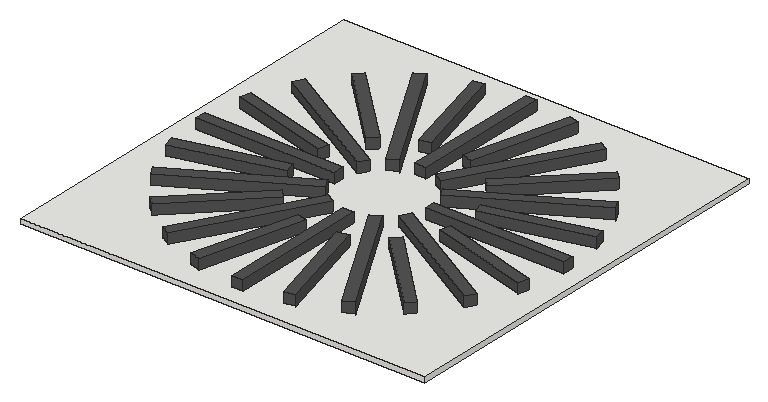
Revit family "MADEL_DIFFUSER _ADJUSTABLE VANES_AXO-S_00", category Air Terminals, Revit 2015
Parameters (values of type "AXO-S 825")
  n_factor [instance] = if(or(E = 295.0 mm, E = 308.0 mm), 23.878, if(E = 395.0 mm, 23.854, if(E = 495.0 mm, 22.756, if(or(E = 595.0 mm, E = 620.0 mm, E = 670.0 mm), 22.777, if(or(E = 795.0 mm, E = 820.0 mm), 27.287, 1)))))  # 27.287
  m_factor = 1.9105
  c_factor [instance] = if(or(E = 295.0 mm, E = 308.0 mm), 0.1835, if(E = 395.0 mm, 1.4296, if(E = 495.0 mm, 6.3204, if(or(E = 595.0 mm, E = 620.0 mm, E = 670.0 mm), 7.9708, if(or(E = 795.0 mm, E = 820.0 mm), 6.5577, 1)))))  # 6.5577
  b_factor = -4.3817
  Width_Connector = 801.0 mm
  V800 = if(or(E = 795.0 mm, E = 820.0 mm), 1 = 1, 1 = 0)  # yes
  V600 = if(or(E = 595.0 mm, E = 620.0 mm, E = 670.0 mm), 1 = 1, 1 = 0)  # no
  V500 = if(E = 495.0 mm, 1 = 1, 1 = 0)  # no
  V400 = if(E = 395.0 mm, 1 = 1, 1 = 0)  # no
  V300 = if(or(E = 295.0 mm, E = 308.0 mm), 1 = 1, 1 = 0)  # no
  T24 [instance] = no
  T15 [instance] = yes
  Standard = "UNE 23-727 M2/ NFP 92-501 M2/ DIN 4102 M2"  # constant formula
  Revit Version = "Revit 2015 - English"  # constant formula
  Review Date = "11/2016"  # constant formula
  R9010 [instance] = no
  Q [instance] = 820.08 m³/h
  Product Type [instance] = Model  # "AXO-S 825"
  Product Size = "dim.825"
  Product Reference [instance] = if(Nº Options = 1, if(T15, "AXO-S/T15", if(T24, "AXO-S/T24", if(PMXO, "AXO-S-PMXO", "Consult Manufacturer"))), if(PMXO, if(Nº Options = 2, if(T15, "AXO-S/T15-PMXO", if(T24, "AXO-S/T24-PMXO", "Consult Manufacturer")), "Consult Manufacturer"), if(Nº Options = 0, "AXO-S", "Consult Manufacturer")))  # "AXO-S/T15-PMXO"
  PMXO [instance] = yes
  Nº Options [instance] = if(T15, 1, 0) + if(T24, 1, 0) + if(PMXO, 1, 0)  # 2
  Vmin = 2.5 m/s  # constant formula
  Vmed = (Vmax + Vmin) / 2  # 3.35 m/s
  Vmax = if(or(E = 295.0 mm, E = 308.0 mm), 6.5 m/s, if(E = 395.0 mm, 5.9 m/s, if(E = 495.0 mm, 5.4 m/s, if(or(E = 595.0 mm, E = 620.0 mm, E = 670.0 mm), 5.3 m/s, if(or(E = 795.0 mm, E = 820.0 mm), 4.2 m/s, 1.0 m/s)))))  # 4.2 m/s
  V[m/s] [instance] = Q / Afree / 1.0 m/s  # 3.35
  URL = "http://www.madel.com/en/producto/axo-adjustable-vanes-diffusers/"
  RAL [instance] = ""
  Nº Finishes [instance] = if(AB, 1, 0) + if(R9010, 1, 0) + if(M9016, 1, 0)  # 1
  Model = "AXO-S 825"
  Material and finishes [instance] = if(and(AB, M9016, Nº Finishes = 2), "M9016/AB", if(and(AB, R9010, Nº Finishes = 2), "R9010/AB", if(and(M9016, Nº Finishes = 1), "M9016", if(and(R9010, Nº Finishes = 1), "R9010", if(Nº Finishes = 0, "Custom RAL", "Consult Manufacturer")))))  # "M9016"
  Material Difusser = MADEL_M9016
  Material Blades = MADEL_AN
  M9016 [instance] = yes
  Type Image = <None>
  Lw (dB(A)) [instance] = n_factor * (log([V[m/s]]) / log(2.7183)) + c_factor  # 39.5466
  IfcExportType = "IfcAirTerminalType"  # constant formula
  IfcExportAs = "IfcAirTerminalType"  # constant formula
  Min Flow = Vmin * Afree  # 612 m³/h
  Max Flow = Vmax * Afree  # 1028.16 m³/h
  Manufacturer = "MADEL"  # constant formula
  Height_Connector = 801.0 mm
  Family Version = "1.0"  # constant formula
  E = 820.0 mm
  Description = "MADEL_Adjustable vanes diffusers"  # constant formula
  DPt [instance] = (10 ^ (log(Q / 1 m³/h) * m_factor + b_factor)) * 1.0 Pa  # 15.3229 Pa
  D = E - 20.0 mm  # 800.0 mm
  Type Comments = "The AXO swirl diffusers are designed to be applied in air conditioning ventilation and heating systems. They can be mounted in false ceilings or suspended from ceiling. The design of their vanes and its radial arrangement in the diffuser cause a swirl air supply with a coanda effect, which provides a high level of induction rate of the air in the atmosphere and reducing the stratification. Their individually adjustable vanes allow to change the supply angle to adjust the diffuser to the different architectonics environments. Their sectored vanes emit a uniform air flow all over the passage section. The AXO series diffusers admit a flow variation of 60% keeping the air stream stable. These diffusers can be used from 2,6 up to 4 meters high and at a temperature differential up to 12ºC."  # constant formula
  Created by = "BIMETRICAL"  # constant formula
  BIMETRICAL Category = "AirTerminal"  # constant formula
  BIMETRICAL = "http://www.bimetrical.com"  # constant formula
  Afree = if(or(E = 295.0 mm, E = 308.0 mm), 0.0096 m², if(E = 395.0 mm, 0.0201 m², if(E = 495.0 mm, 0.0290 m², if(or(E = 595.0 mm, E = 620.0 mm, E = 670.0 mm), 0.0440 m², if(or(E = 795.0 mm, E = 820.0 mm), 0.0680 m², 1.0000 m²)))))  # 0.0680 m²
  AB [instance] = no
  A = 801.0 mm
  Diffuser grill = (R) AXO-S : 825
Reference planes
  plane 1 "Centro (Frontal/Posterior)": z = 0
  plane 2: y = 435
  plane 3 "Centro (Izquierda/Derecha)": x = 0
  plane 4: x = -410
  plane 5: x = 410
  plane 6: y = 25
  plane 7: y = 845
  plane 8: z = -10
  plane 9: z = 14
Forms (mm)
  Extrusion 1, solid, material "MADEL_M9016" <- "Material Difusser", detail levels coarse
    sketch origin (0, -1220, 0) x (1, 0, 0) y (0, 1, 0)
      loop
        line (-410, 1245) -> (410, 1245) -> (410, 2065) -> (-410, 2065) -> (-410, 1245)
    from -10 to 0
  Extrusion 2, solid, material "MADEL_M9016" <- "Material Difusser", detail levels coarse
    sketch origin (0, 0, 0) x (1, 0, 0) y (0, 1, 0)
      loop
        circle (0, 435) r 400
    from 0 to 14
Lines and regions (mm)
  symbolic lines, style "0", visible <- "V300"
    curve 1: line (55.166, 466.85, 0) -> (119.512, 504, 0)
    curve 2: line (49.2, 435, 0) -> (123.5, 435, 0)
    curve 3: line (31.85, 490.166, 0) -> (69, 554.512, 0)
    curve 4: line (0, 484.2, 0) -> (0, 558.5, 0)
    curve 5: line (55.166, 403.15, 0) -> (119.512, 366, 0)
    curve 6: line (31.85, 379.834, 0) -> (69, 315.488, 0)
    curve 7: line (0, 385.8, 0) -> (0, 311.5, 0)
    curve 8: line (-55.166, 466.85, 0) -> (-119.512, 504, 0)
    curve 9: line (-31.85, 490.166, 0) -> (-69, 554.512, 0)
    curve 10: line (-55.166, 403.15, 0) -> (-119.512, 366, 0)
    curve 11: line (-31.85, 379.834, 0) -> (-69, 315.488, 0)
    curve 184: line (-49.2, 435, 0) -> (-123.5, 435, 0)
  symbolic lines, style "0", visible <- "V300", not visible
    curve 12: line (-740.365, 118.664, 0) -> (-777.515, 183.009, 0)
    curve 13: line (-708.515, 112.698, 0) -> (-708.515, 186.998, 0)
    curve 14: line (-763.681, 95.348, 0) -> (-828.027, 132.498, 0)
    curve 15: line (-757.715, 63.498, 0) -> (-832.015, 63.498, 0)
    curve 16: line (-676.665, 118.664, 0) -> (-639.515, 183.009, 0)
    curve 17: line (-653.35, 95.348, 0) -> (-589.004, 132.498, 0)
    curve 18: line (-659.315, 63.498, 0) -> (-585.015, 63.498, 0)
    curve 19: line (-740.365, 8.332, 0) -> (-777.515, -56.014, 0)
    curve 20: line (-708.515, 14.298, 0) -> (-708.515, -60.002, 0)
    curve 21: line (-763.681, 31.648, 0) -> (-828.027, -5.502, 0)
    curve 22: line (-676.665, 8.332, 0) -> (-639.515, -56.014, 0)
    curve 23: line (-653.35, 31.648, 0) -> (-589.004, -5.502, 0)
  symbolic lines, style "0", visible <- "V400"
    curve 24: line (-80.254, 376.692, 0) -> (-140.364, 333.019, 0)
    curve 25: line (-101.981, 294.636, 0) -> (-39.029, 381.281, 0)
    curve 26: line (-30.654, 340.655, 0) -> (-53.614, 269.992, 0)
    curve 27: line (0, 368.6, 0) -> (0, 261.5, 0)
    curve 28: line (-63.15, 414.481, 0) -> (-165.008, 381.386, 0)
    curve 29: line (-99.2, 435, 0) -> (-173.5, 435, 0)
    curve 30: line (-80.254, 493.308, 0) -> (-140.364, 536.981, 0)
    curve 31: line (-101.981, 575.364, 0) -> (-39.029, 488.719, 0)
    curve 32: line (-30.654, 529.345, 0) -> (-53.614, 600.008, 0)
    curve 33: line (0, 501.4, 0) -> (0, 608.5, 0)
    curve 34: line (-63.15, 455.519, 0) -> (-165.008, 488.614, 0)
    curve 35: line (80.254, 376.692, 0) -> (140.364, 333.019, 0)
    curve 36: line (101.981, 294.636, 0) -> (39.029, 381.281, 0)
    curve 37: line (30.654, 340.655, 0) -> (53.614, 269.992, 0)
    curve 38: line (63.15, 414.481, 0) -> (165.008, 381.386, 0)
    curve 39: line (99.2, 435, 0) -> (173.5, 435, 0)
    curve 40: line (80.254, 493.308, 0) -> (140.364, 536.981, 0)
    curve 41: line (101.981, 575.364, 0) -> (39.029, 488.719, 0)
    curve 42: line (30.654, 529.345, 0) -> (53.614, 600.008, 0)
    curve 43: line (63.15, 455.519, 0) -> (165.008, 488.614, 0)
  symbolic lines, style "0", visible <- "V400", not visible
    curve 44: line (-596.024, 364.941, 0) -> (-639.696, 425.051, 0)
    curve 45: line (-678.08, 386.667, 0) -> (-591.434, 323.716, 0)
    curve 46: line (-632.061, 315.341, 0) -> (-702.724, 338.301, 0)
    curve 47: line (-604.116, 284.687, 0) -> (-711.216, 284.687, 0)
    curve 48: line (-558.234, 347.837, 0) -> (-591.33, 449.695, 0)
    curve 49: line (-537.716, 383.887, 0) -> (-537.716, 458.187, 0)
    curve 50: line (-479.407, 364.941, 0) -> (-435.735, 425.051, 0)
    curve 51: line (-397.351, 386.667, 0) -> (-483.997, 323.716, 0)
    curve 52: line (-443.371, 315.341, 0) -> (-372.707, 338.301, 0)
    curve 53: line (-471.316, 284.687, 0) -> (-364.216, 284.687, 0)
    curve 54: line (-517.197, 347.837, 0) -> (-484.101, 449.695, 0)
    curve 55: line (-596.024, 204.432, 0) -> (-639.696, 144.322, 0)
    curve 56: line (-678.08, 182.706, 0) -> (-591.434, 245.658, 0)
    curve 57: line (-632.061, 254.032, 0) -> (-702.724, 231.072, 0)
    curve 58: line (-558.234, 221.537, 0) -> (-591.33, 119.678, 0)
    curve 59: line (-537.716, 185.487, 0) -> (-537.716, 111.187, 0)
    curve 60: line (-479.407, 204.432, 0) -> (-435.735, 144.322, 0)
    curve 61: line (-397.351, 182.706, 0) -> (-483.997, 245.658, 0)
    curve 62: line (-443.371, 254.032, 0) -> (-372.707, 231.072, 0)
    curve 63: line (-517.197, 221.537, 0) -> (-484.101, 119.678, 0)
  symbolic lines, style "0", visible <- "V500"
    curve 64: line (222.524, 434.986, 0) -> (77.824, 434.986, 0)
    curve 65: line (143.174, 473.343, 0) -> (214.942, 492.573, 0)
    curve 66: line (67.4, 473.886, 0) -> (192.714, 546.236, 0)
    curve 67: line (104.817, 539.779, 0) -> (157.355, 592.317, 0)
    curve 68: line (38.924, 502.363, 0) -> (111.274, 627.677, 0)
    curve 69: line (57.611, 649.905, 0) -> (38.381, 578.136, 0)
    curve 70: line (0.024, 512.786, 0) -> (0.024, 657.486, 0)
    curve 71: line (143.174, 396.629, 0) -> (214.942, 377.399, 0)
    curve 72: line (67.4, 396.086, 0) -> (192.714, 323.736, 0)
    curve 73: line (104.817, 330.193, 0) -> (157.355, 277.655, 0)
    curve 74: line (38.924, 367.609, 0) -> (111.274, 242.295, 0)
    curve 75: line (57.611, 220.068, 0) -> (38.381, 291.836, 0)
    curve 76: line (0.024, 357.186, 0) -> (0.024, 212.486, 0)
    curve 77: line (-222.476, 434.986, 0) -> (-77.776, 434.986, 0)
    curve 78: line (-143.127, 473.343, 0) -> (-214.895, 492.573, 0)
    curve 79: line (-67.353, 473.886, 0) -> (-192.667, 546.236, 0)
    curve 80: line (-104.77, 539.779, 0) -> (-157.308, 592.317, 0)
    curve 81: line (-38.876, 502.363, 0) -> (-111.226, 627.677, 0)
    curve 82: line (-57.564, 649.905, 0) -> (-38.333, 578.136, 0)
    curve 83: line (-143.127, 396.629, 0) -> (-214.895, 377.399, 0)
    curve 84: line (-67.353, 396.086, 0) -> (-192.667, 323.736, 0)
    curve 85: line (-104.77, 330.193, 0) -> (-157.308, 277.655, 0)
    curve 86: line (-38.876, 367.609, 0) -> (-111.226, 242.295, 0)
    curve 87: line (-57.564, 220.068, 0) -> (-38.333, 291.836, 0)
  symbolic lines, style "0", visible <- "V500", not visible
    curve 88: line (-762.892, 842.571, 0) -> (-762.892, 697.871, 0)
    curve 89: line (-801.249, 763.221, 0) -> (-820.479, 834.989, 0)
    curve 90: line (-801.792, 687.448, 0) -> (-874.142, 812.762, 0)
    curve 91: line (-867.685, 724.864, 0) -> (-920.223, 777.402, 0)
    curve 92: line (-830.269, 658.971, 0) -> (-955.583, 731.321, 0)
    curve 93: line (-977.81, 677.658, 0) -> (-906.042, 658.428, 0)
    curve 94: line (-840.692, 620.071, 0) -> (-985.392, 620.071, 0)
    curve 95: line (-724.535, 763.221, 0) -> (-705.305, 834.989, 0)
    curve 96: line (-723.992, 687.448, 0) -> (-651.642, 812.762, 0)
    curve 97: line (-658.099, 724.864, 0) -> (-605.561, 777.402, 0)
    curve 98: line (-695.515, 658.971, 0) -> (-570.201, 731.321, 0)
    curve 99: line (-547.973, 677.658, 0) -> (-619.742, 658.428, 0)
    curve 100: line (-685.092, 620.071, 0) -> (-540.392, 620.071, 0)
    curve 101: line (-762.892, 397.571, 0) -> (-762.892, 542.271, 0)
    curve 102: line (-801.249, 476.921, 0) -> (-820.479, 405.152, 0)
    curve 103: line (-801.792, 552.694, 0) -> (-874.142, 427.38, 0)
    curve 104: line (-867.685, 515.278, 0) -> (-920.223, 462.74, 0)
    curve 105: line (-830.269, 581.171, 0) -> (-955.583, 508.821, 0)
    curve 106: line (-977.81, 562.484, 0) -> (-906.042, 581.714, 0)
    curve 107: line (-724.535, 476.921, 0) -> (-705.305, 405.152, 0)
    curve 108: line (-723.992, 552.694, 0) -> (-651.642, 427.38, 0)
    curve 109: line (-658.099, 515.278, 0) -> (-605.561, 462.74, 0)
    curve 110: line (-695.515, 581.171, 0) -> (-570.201, 508.821, 0)
    curve 111: line (-547.973, 562.484, 0) -> (-619.742, 581.714, 0)
  symbolic lines, style "0", visible <- "V600"
    curve 112: line (274.384, 434.986, 0) -> (64.284, 434.986, 0)
    curve 113: line (161.288, 477.795, 0) -> (264.738, 505.514, 0)
    curve 114: line (55.875, 466.366, 0) -> (237.827, 571.416, 0)
    curve 115: line (118.479, 551.942, 0) -> (194.21, 627.673, 0)
    curve 116: line (32.904, 489.338, 0) -> (137.954, 671.29, 0)
    curve 117: line (72.052, 698.201, 0) -> (44.332, 594.75, 0)
    curve 118: line (1.524, 497.746, 0) -> (1.524, 707.846, 0)
    curve 119: line (161.288, 392.177, 0) -> (264.738, 364.458, 0)
    curve 120: line (55.875, 403.606, 0) -> (237.827, 298.556, 0)
    curve 121: line (118.479, 318.031, 0) -> (194.21, 242.299, 0)
    curve 122: line (32.904, 380.634, 0) -> (137.954, 198.682, 0)
    curve 123: line (72.052, 171.771, 0) -> (44.332, 275.222, 0)
    curve 124: line (1.524, 372.226, 0) -> (1.524, 162.126, 0)
    curve 125: line (-271.336, 434.986, 0) -> (-61.236, 434.986, 0)
    curve 126: line (-158.24, 477.795, 0) -> (-261.691, 505.514, 0)
    curve 127: line (-52.828, 466.366, 0) -> (-234.78, 571.416, 0)
    curve 128: line (-115.432, 551.942, 0) -> (-191.163, 627.673, 0)
    curve 129: line (-29.856, 489.338, 0) -> (-134.906, 671.29, 0)
    curve 130: line (-69.005, 698.201, 0) -> (-41.285, 594.75, 0)
    curve 131: line (-158.24, 392.177, 0) -> (-261.691, 364.458, 0)
    curve 132: line (-52.828, 403.606, 0) -> (-234.78, 298.556, 0)
    curve 133: line (-115.432, 318.031, 0) -> (-191.163, 242.299, 0)
    curve 134: line (-29.856, 380.634, 0) -> (-134.906, 198.682, 0)
    curve 135: line (-69.005, 171.771, 0) -> (-41.285, 275.222, 0)
  symbolic lines, style "0", visible <- "V600", not visible
    curve 136: line (-880.955, -7.021, 0) -> (-880.955, -217.121, 0)
    curve 137: line (-923.763, -120.117, 0) -> (-951.483, -16.666, 0)
    curve 138: line (-912.335, -225.529, 0) -> (-1017.385, -43.577, 0)
    curve 139: line (-997.91, -162.926, 0) -> (-1073.641, -87.194, 0)
    curve 140: line (-935.307, -248.501, 0) -> (-1117.258, -143.451, 0)
    curve 141: line (-1144.17, -209.353, 0) -> (-1040.719, -237.072, 0)
    curve 142: line (-943.715, -279.881, 0) -> (-1153.815, -279.881, 0)
    curve 143: line (-838.146, -120.117, 0) -> (-810.427, -16.666, 0)
    curve 144: line (-849.575, -225.529, 0) -> (-744.525, -43.577, 0)
    curve 145: line (-763.999, -162.926, 0) -> (-688.268, -87.194, 0)
    curve 146: line (-826.603, -248.501, 0) -> (-644.651, -143.451, 0)
    curve 147: line (-617.74, -209.353, 0) -> (-721.191, -237.072, 0)
    curve 148: line (-818.195, -279.881, 0) -> (-608.095, -279.881, 0)
    curve 149: line (-880.955, -552.741, 0) -> (-880.955, -342.641, 0)
    curve 150: line (-923.763, -439.645, 0) -> (-951.483, -543.096, 0)
    curve 151: line (-912.335, -334.233, 0) -> (-1017.385, -516.185, 0)
    curve 152: line (-997.91, -396.837, 0) -> (-1073.641, -472.568, 0)
    curve 153: line (-935.307, -311.261, 0) -> (-1117.258, -416.311, 0)
    curve 154: line (-1144.17, -350.409, 0) -> (-1040.719, -322.69, 0)
    curve 155: line (-838.146, -439.645, 0) -> (-810.427, -543.096, 0)
    curve 156: line (-849.575, -334.233, 0) -> (-744.525, -516.185, 0)
    curve 157: line (-763.999, -396.837, 0) -> (-688.268, -472.568, 0)
    curve 158: line (-826.603, -311.261, 0) -> (-644.651, -416.311, 0)
    curve 159: line (-617.74, -350.409, 0) -> (-721.191, -322.69, 0)
  symbolic lines, style "0", visible <- "V800", not visible
    curve 160: line (-1418.736, -311.294, 0) -> (-1138.536, -311.294, 0)
    curve 161: line (-1203.087, -269.298, 0) -> (-1406.028, -214.92, 0)
    curve 162: line (-1368.846, -125.104, 0) -> (-1126.186, -265.204, 0)
    curve 163: line (-1161.091, -196.559, 0) -> (-1309.654, -47.996, 0)
    curve 164: line (-1092.446, -231.464, 0) -> (-1232.546, 11.197, 0)
    curve 165: line (-1088.352, -154.563, 0) -> (-1142.73, 48.378, 0)
    curve 166: line (-1046.356, -219.114, 0) -> (-1046.356, 61.086, 0)
    curve 167: line (-673.976, -311.294, 0) -> (-954.176, -311.294, 0)
    curve 168: line (-889.625, -269.298, 0) -> (-686.684, -214.92, 0)
    curve 169: line (-723.865, -125.104, 0) -> (-966.526, -265.204, 0)
    curve 170: line (-931.621, -196.559, 0) -> (-783.058, -47.996, 0)
    curve 171: line (-1000.266, -231.464, 0) -> (-860.166, 11.197, 0)
    curve 172: line (-1004.36, -154.563, 0) -> (-949.982, 48.378, 0)
    curve 173: line (-1203.087, -353.29, 0) -> (-1406.028, -407.668, 0)
    curve 174: line (-1368.846, -497.484, 0) -> (-1126.186, -357.384, 0)
    curve 175: line (-1161.091, -426.029, 0) -> (-1309.654, -574.592, 0)
    curve 176: line (-1092.446, -391.124, 0) -> (-1232.546, -633.785, 0)
    curve 177: line (-1088.352, -468.025, 0) -> (-1142.73, -670.966, 0)
    curve 178: line (-1046.356, -403.474, 0) -> (-1046.356, -683.674, 0)
    curve 179: line (-889.625, -353.29, 0) -> (-686.684, -407.668, 0)
    curve 180: line (-723.865, -497.484, 0) -> (-966.526, -357.384, 0)
    curve 181: line (-931.621, -426.029, 0) -> (-783.058, -574.592, 0)
    curve 182: line (-1000.266, -391.124, 0) -> (-860.166, -633.785, 0)
    curve 183: line (-1004.36, -468.025, 0) -> (-949.982, -670.966, 0)
  symbolic lines, style "0"
    curve 185: line (-410, 845, 0) -> (-410, 25, 0)
    curve 186: line (-410, 25, 0) -> (410, 25, 0)
    curve 187: line (410, 25, 0) -> (410, 845, 0)
    curve 188: line (410, 845, 0) -> (-410, 845, 0)
  symbolic lines, style "0", visible <- "V800"
    curve 189: line (0, 62.62, 0) -> (0, 342.82, 0)
    curve 190: line (-41.996, 278.269, 0) -> (-96.374, 75.328, 0)
    curve 191: line (-186.19, 112.509, 0) -> (-46.09, 355.17, 0)
    curve 192: line (-114.735, 320.265, 0) -> (-263.298, 171.702, 0)
    curve 193: line (-79.83, 388.91, 0) -> (-322.491, 248.81, 0)
    curve 194: line (-156.731, 393.004, 0) -> (-359.672, 338.626, 0)
    curve 195: line (-92.18, 435, 0) -> (-372.38, 435, 0)
    curve 196: line (0, 807.38, 0) -> (0, 527.18, 0)
    curve 197: line (-41.996, 591.731, 0) -> (-96.374, 794.672, 0)
    curve 198: line (-186.19, 757.491, 0) -> (-46.09, 514.83, 0)
    curve 199: line (-114.735, 549.735, 0) -> (-263.298, 698.298, 0)
    curve 200: line (-79.83, 481.09, 0) -> (-322.491, 621.19, 0)
    curve 201: line (-156.731, 476.996, 0) -> (-359.672, 531.374, 0)
    curve 202: line (41.996, 278.269, 0) -> (96.374, 75.328, 0)
    curve 203: line (186.19, 112.509, 0) -> (46.09, 355.17, 0)
    curve 204: line (114.735, 320.265, 0) -> (263.298, 171.702, 0)
    curve 205: line (79.83, 388.91, 0) -> (322.491, 248.81, 0)
    curve 206: line (156.731, 393.004, 0) -> (359.672, 338.626, 0)
    curve 207: line (92.18, 435, 0) -> (372.38, 435, 0)
    curve 208: line (41.996, 591.731, 0) -> (96.374, 794.672, 0)
    curve 209: line (186.19, 757.491, 0) -> (46.09, 514.83, 0)
    curve 210: line (114.735, 549.735, 0) -> (263.298, 698.298, 0)
    curve 211: line (79.83, 481.09, 0) -> (322.491, 621.19, 0)
    curve 212: line (156.731, 476.996, 0) -> (359.672, 531.374, 0)
Dimensions and locks
  equal spacing: plane 7, plane 2, plane 6
  "E": plane 7 to plane 6
  locked: plane 1 "Centro (Frontal/Posterior)" to plane 8 at 10
  equal spacing: plane 4, plane 3 "Centro (Izquierda/Derecha)", plane 5
  locked: plane 9 to plane 1 "Centro (Frontal/Posterior)" at 14
  "E": plane 4 to plane 5
  "D": diameter of Extrusion 2 sketch curve
  aligned and locked: Extrusion 1 to plane 8
  aligned and locked: Extrusion 1 to plane 1 "Centro (Frontal/Posterior)"
  aligned and locked: Extrusion 1 sketch curve to plane 4
  aligned and locked: plane 7 to Extrusion 1 sketch curve
  aligned and locked: plane 5 to Extrusion 1 sketch curve
  aligned and locked: Extrusion 1 sketch curve to plane 6
  aligned and locked: plane 1 "Centro (Frontal/Posterior)" to Extrusion 2
  aligned and locked: plane 9 to Extrusion 2
  aligned and locked: plane 3 "Centro (Izquierda/Derecha)" to Extrusion 2 sketch curve
  aligned and locked: plane 2 to Extrusion 2 sketch curve
  aligned and locked: plane 7 to curve 188
  aligned and locked: curve 185 to plane 4
  aligned and locked: plane 5 to curve 187
  aligned and locked: curve 186 to plane 6
Automatic sketch dimensions
  curve 4 to curve 3 = 3.988 mm
  curve 4 to curve 9 = 3.988 mm
  curve 9 to curve 8 = 50.512 mm
  curve 3 to curve 1 = 50.512 mm  (x2)
  curve 3 to curve 3 = 64.346 mm
  curve 9 to curve 3 = 0.0 mm
  curve 3 to curve 4 = 5.966 mm
  curve 3 to curve 1 = 23.316 mm
  curve 9 to curve 8 = 23.316 mm
  curve 8 to curve 184 = 31.85 mm
  curve 1 to curve 2 = 31.85 mm
  curve 184 to curve 10 = 31.85 mm
  curve 2 to curve 5 = 31.85 mm
  curve 5 to curve 7 = 17.35 mm
  curve 7 to curve 11 = 5.966 mm
  curve 7 to curve 6 = 5.966 mm
  curve 2 to curve 5 = 69.0 mm
  curve 184 to curve 10 = 69.0 mm
  curve 5 to curve 6 = 50.512 mm
  curve 10 to curve 11 = 50.512 mm  (x2)
  curve 6 to curve 7 = 3.988 mm
  curve 184 to curve 8 = 3.988 mm
  curve 184 to curve 10 = 3.988 mm
  curve 8 to curve 9 = 50.512 mm
  curve 10 to curve 10 = 64.346 mm
  curve 8 to curve 10 = 0.0 mm
  curve 10 to curve 184 = 5.966 mm
  curve 10 to curve 11 = 23.316 mm
  curve 8 to curve 9 = 23.316 mm
  curve 9 to curve 4 = 69.0 mm
  curve 4 to curve 3 = 31.85 mm
  curve 7 to curve 6 = 31.85 mm
  curve 6 to curve 2 = 17.35 mm
  curve 2 to curve 1 = 5.966 mm
  curve 2 to curve 5 = 5.966 mm
  curve 4 to curve 3 = 69.0 mm
  curve 7 to curve 6 = 69.0 mm
  curve 6 to curve 5 = 50.512 mm
  curve 5 to curve 2 = 3.988 mm
  curve 15 to curve 14 = 3.988 mm
  curve 15 to curve 21 = 3.988 mm
  curve 21 to curve 19 = 50.512 mm
  curve 14 to curve 12 = 50.512 mm  (x2)
  curve 14 to curve 14 = 64.346 mm
  curve 21 to curve 14 = 0.0 mm
  curve 14 to curve 15 = 5.966 mm
  curve 14 to curve 12 = 23.316 mm
  curve 21 to curve 19 = 23.316 mm
  curve 19 to curve 20 = 31.85 mm
  curve 12 to curve 13 = 31.85 mm
  curve 20 to curve 22 = 31.85 mm
  curve 13 to curve 16 = 31.85 mm
  curve 16 to curve 18 = 17.35 mm
  curve 18 to curve 23 = 5.966 mm
  curve 18 to curve 17 = 5.966 mm
  curve 13 to curve 16 = 69.0 mm
  curve 20 to curve 22 = 69.0 mm
  curve 16 to curve 17 = 50.512 mm
  curve 22 to curve 23 = 50.512 mm  (x2)
  curve 17 to curve 18 = 3.988 mm
  curve 20 to curve 19 = 3.988 mm
  curve 20 to curve 22 = 3.988 mm
  curve 19 to curve 21 = 50.512 mm
  curve 22 to curve 22 = 64.346 mm
  curve 19 to curve 22 = 0.0 mm
  curve 22 to curve 20 = 5.966 mm
  curve 22 to curve 23 = 23.316 mm
  curve 19 to curve 21 = 23.316 mm
  curve 21 to curve 15 = 69.0 mm
  curve 15 to curve 14 = 31.85 mm
  curve 18 to curve 17 = 31.85 mm
  curve 17 to curve 13 = 17.35 mm
  curve 13 to curve 12 = 5.966 mm
  curve 13 to curve 16 = 5.966 mm
  curve 15 to curve 14 = 69.0 mm
  curve 18 to curve 17 = 69.0 mm
  curve 17 to curve 16 = 50.512 mm
  curve 16 to curve 13 = 3.988 mm
  curve 27 to curve 26 = 8.492 mm
  curve 27 to curve 37 = 8.492 mm
  curve 37 to curve 36 = 24.644 mm
  curve 26 to curve 25 = 24.644 mm
  curve 25 to curve 24 = 38.384 mm  (x2)
  curve 36 to curve 35 = 38.384 mm
  curve 37 to curve 37 = 70.663 mm
  curve 26 to curve 37 = 0.0 mm
  curve 37 to curve 27 = 27.945 mm
  curve 37 to curve 35 = 36.037 mm
  curve 26 to curve 24 = 36.037 mm
  curve 27 to curve 25 = 12.681 mm
  curve 27 to curve 36 = 12.681 mm
  curve 35 to curve 38 = 48.366 mm
  curve 24 to curve 28 = 48.366 mm
  curve 36 to curve 38 = 33.2 mm
  curve 25 to curve 28 = 33.2 mm
  curve 38 to curve 39 = 20.519 mm
  curve 28 to curve 29 = 20.519 mm
  curve 38 to curve 43 = 41.037 mm
  curve 28 to curve 34 = 41.037 mm
  curve 29 to curve 34 = 53.614 mm
  curve 39 to curve 43 = 53.614 mm
  curve 43 to curve 41 = 33.2 mm
  curve 34 to curve 31 = 33.2 mm
  curve 31 to curve 30 = 4.59 mm
  curve 43 to curve 40 = 37.79 mm
  curve 41 to curve 33 = 12.681 mm
  curve 33 to curve 42 = 27.945 mm
  curve 33 to curve 32 = 27.945 mm
  curve 34 to curve 30 = 48.366 mm
  curve 43 to curve 40 = 48.366 mm
  curve 30 to curve 31 = 38.384 mm
  curve 40 to curve 41 = 38.384 mm  (x2)
  curve 31 to curve 32 = 24.644 mm
  curve 41 to curve 42 = 24.644 mm
  curve 42 to curve 33 = 8.492 mm
  curve 39 to curve 38 = 8.492 mm
  curve 39 to curve 43 = 8.492 mm
  curve 38 to curve 35 = 24.644 mm
  curve 43 to curve 40 = 24.644 mm
  curve 35 to curve 36 = 38.384 mm
  curve 39 to curve 39 = 74.3 mm
  curve 39 to curve 40 = 18.946 mm
  curve 39 to curve 35 = 18.946 mm
  curve 39 to curve 43 = 36.05 mm
  curve 38 to curve 43 = 0.0 mm
  curve 36 to curve 37 = 48.366 mm
  curve 41 to curve 42 = 48.366 mm
  curve 38 to curve 36 = 24.121 mm
  curve 43 to curve 41 = 24.121 mm
  curve 36 to curve 37 = 8.374 mm
  curve 41 to curve 42 = 8.374 mm
  curve 42 to curve 33 = 53.614 mm
  curve 36 to curve 27 = 39.029 mm
  curve 27 to curve 26 = 30.654 mm
  curve 33 to curve 32 = 30.654 mm
  curve 27 to curve 25 = 39.029 mm
  curve 33 to curve 31 = 39.029 mm
  curve 27 to curve 26 = 53.614 mm
  curve 33 to curve 32 = 53.614 mm
  curve 25 to curve 28 = 24.121 mm
  curve 31 to curve 34 = 24.121 mm
  curve 31 to curve 30 = 41.226 mm
  curve 25 to curve 24 = 41.226 mm
  curve 34 to curve 29 = 36.05 mm
  curve 32 to curve 31 = 48.366 mm
  curve 26 to curve 25 = 48.366 mm
  curve 31 to curve 30 = 38.384 mm
  curve 24 to curve 28 = 24.644 mm
  curve 30 to curve 34 = 24.644 mm
  curve 34 to curve 29 = 8.492 mm
  curve 47 to curve 46 = 8.492 mm
  curve 47 to curve 57 = 8.492 mm
  curve 57 to curve 56 = 24.644 mm
  curve 46 to curve 45 = 24.644 mm
  curve 45 to curve 44 = 38.384 mm  (x2)
  curve 56 to curve 55 = 38.384 mm
  curve 57 to curve 57 = 70.663 mm
  curve 46 to curve 57 = 0.0 mm
  curve 57 to curve 47 = 27.945 mm
  curve 57 to curve 55 = 36.037 mm
  curve 46 to curve 44 = 36.037 mm
  curve 47 to curve 45 = 12.681 mm
  curve 47 to curve 56 = 12.681 mm
  curve 55 to curve 58 = 48.366 mm
  curve 44 to curve 48 = 48.366 mm
  curve 56 to curve 58 = 33.2 mm
  curve 45 to curve 48 = 33.2 mm
  curve 58 to curve 59 = 20.519 mm
  curve 48 to curve 49 = 20.519 mm
  curve 58 to curve 63 = 41.037 mm
  curve 48 to curve 54 = 41.037 mm
  curve 49 to curve 54 = 53.614 mm
  curve 59 to curve 63 = 53.614 mm
  curve 63 to curve 61 = 33.2 mm
  curve 54 to curve 51 = 33.2 mm
  curve 51 to curve 50 = 4.59 mm
  curve 63 to curve 60 = 37.79 mm
  curve 61 to curve 53 = 12.681 mm
  curve 53 to curve 62 = 27.945 mm
  curve 53 to curve 52 = 27.945 mm
  curve 54 to curve 50 = 48.366 mm
  curve 63 to curve 60 = 48.366 mm
  curve 50 to curve 51 = 38.384 mm
  curve 60 to curve 61 = 38.384 mm  (x2)
  curve 51 to curve 52 = 24.644 mm
  curve 61 to curve 62 = 24.644 mm
  curve 62 to curve 53 = 8.492 mm
  curve 59 to curve 58 = 8.492 mm
  curve 59 to curve 63 = 8.492 mm
  curve 58 to curve 55 = 24.644 mm
  curve 63 to curve 60 = 24.644 mm
  curve 55 to curve 56 = 38.384 mm
  curve 59 to curve 59 = 74.3 mm
  curve 59 to curve 60 = 18.946 mm
  curve 59 to curve 55 = 18.946 mm
  curve 59 to curve 63 = 36.05 mm
  curve 58 to curve 63 = 0.0 mm
  curve 56 to curve 57 = 48.366 mm
  curve 61 to curve 62 = 48.366 mm
  curve 58 to curve 56 = 24.121 mm
  curve 63 to curve 61 = 24.121 mm
  curve 56 to curve 57 = 8.374 mm
  curve 61 to curve 62 = 8.374 mm
  curve 62 to curve 53 = 53.614 mm
  curve 56 to curve 47 = 39.029 mm
  curve 47 to curve 46 = 30.654 mm
  curve 53 to curve 52 = 30.654 mm
  curve 47 to curve 45 = 39.029 mm
  curve 53 to curve 51 = 39.029 mm
  curve 47 to curve 46 = 53.614 mm
  curve 53 to curve 52 = 53.614 mm
  curve 45 to curve 48 = 24.121 mm
  curve 51 to curve 54 = 24.121 mm
  curve 51 to curve 50 = 41.226 mm
  curve 45 to curve 44 = 41.226 mm
  curve 54 to curve 49 = 36.05 mm
  curve 52 to curve 51 = 48.366 mm
  curve 46 to curve 45 = 48.366 mm
  curve 51 to curve 50 = 38.384 mm
  curve 44 to curve 48 = 24.644 mm
  curve 50 to curve 54 = 24.644 mm
  curve 54 to curve 49 = 8.492 mm
  curve 70 to curve 69 = 7.582 mm
  curve 70 to curve 82 = 7.582 mm
  curve 82 to curve 81 = 22.228 mm
  curve 69 to curve 68 = 22.228 mm
  curve 81 to curve 80 = 35.359 mm
  curve 68 to curve 67 = 35.359 mm
  curve 82 to curve 82 = 71.768 mm
  curve 69 to curve 69 = 71.768 mm
  curve 80 to curve 79 = 46.081 mm
  curve 67 to curve 66 = 46.081 mm
  curve 80 to curve 80 = 52.538 mm  (x2)
  curve 67 to curve 67 = 52.538 mm
  curve 82 to curve 70 = 65.35 mm
  curve 70 to curve 68 = 10.423 mm
  curve 70 to curve 81 = 10.423 mm
  curve 66 to curve 65 = 53.663 mm
  curve 79 to curve 78 = 53.663 mm
  curve 68 to curve 66 = 28.477 mm  (x2)
  curve 81 to curve 79 = 28.477 mm
  curve 78 to curve 78 = 19.23 mm
  curve 65 to curve 65 = 19.23 mm
  curve 66 to curve 64 = 38.9 mm
  curve 78 to curve 77 = 57.587 mm
  curve 77 to curve 83 = 38.357 mm
  curve 64 to curve 71 = 38.357 mm
  curve 64 to curve 72 = 38.9 mm
  curve 77 to curve 84 = 38.9 mm
  curve 64 to curve 71 = 57.587 mm
  curve 77 to curve 83 = 57.587 mm
  curve 84 to curve 86 = 28.477 mm  (x2)
  curve 72 to curve 74 = 28.477 mm
  curve 86 to curve 76 = 10.423 mm
  curve 72 to curve 73 = 65.893 mm
  curve 86 to curve 85 = 37.416 mm
  curve 71 to curve 72 = 53.663 mm
  curve 83 to curve 84 = 53.663 mm
  curve 76 to curve 87 = 65.35 mm
  curve 74 to curve 75 = 75.773 mm
  curve 84 to curve 85 = 46.081 mm
  curve 72 to curve 73 = 46.081 mm
  curve 85 to curve 86 = 35.359 mm
  curve 73 to curve 74 = 35.359 mm
  curve 86 to curve 87 = 22.228 mm
  curve 74 to curve 75 = 22.228 mm
  curve 87 to curve 76 = 7.582 mm
  curve 77 to curve 78 = 7.582 mm
  curve 77 to curve 83 = 7.582 mm
  curve 78 to curve 79 = 22.228 mm
  curve 83 to curve 84 = 22.228 mm
  curve 84 to curve 85 = 35.359 mm
  curve 79 to curve 80 = 35.359 mm
  curve 83 to curve 83 = 71.768 mm
  curve 78 to curve 78 = 71.768 mm
  curve 85 to curve 86 = 46.081 mm
  curve 80 to curve 81 = 46.081 mm
  curve 85 to curve 85 = 52.538 mm
  curve 78 to curve 77 = 65.35 mm
  curve 77 to curve 84 = 10.423 mm
  curve 77 to curve 79 = 10.423 mm
  curve 86 to curve 87 = 53.663 mm
  curve 81 to curve 82 = 53.663 mm
  curve 79 to curve 81 = 28.477 mm
  curve 82 to curve 82 = 19.23 mm
  curve 87 to curve 87 = 19.23 mm
  curve 81 to curve 70 = 38.9 mm
  curve 86 to curve 76 = 38.9 mm
  curve 70 to curve 69 = 38.357 mm
  curve 76 to curve 75 = 38.357 mm
  curve 76 to curve 74 = 38.9 mm
  curve 70 to curve 68 = 38.9 mm
  curve 70 to curve 69 = 57.587 mm
  curve 76 to curve 75 = 57.587 mm
  curve 74 to curve 72 = 28.477 mm
  curve 66 to curve 64 = 10.423 mm
  curve 72 to curve 73 = 37.416 mm
  curve 66 to curve 67 = 37.416 mm
  curve 75 to curve 74 = 53.663 mm
  curve 69 to curve 68 = 53.663 mm
  curve 66 to curve 65 = 75.773 mm
  curve 72 to curve 71 = 75.773 mm
  curve 74 to curve 73 = 46.081 mm
  curve 68 to curve 67 = 46.081 mm
  curve 67 to curve 66 = 35.359 mm
  curve 73 to curve 72 = 35.359 mm
  curve 72 to curve 71 = 22.228 mm
  curve 66 to curve 65 = 22.228 mm
  curve 65 to curve 64 = 7.582 mm
  curve 94 to curve 93 = 7.582 mm
  curve 94 to curve 106 = 7.582 mm
  curve 106 to curve 105 = 22.228 mm
  curve 93 to curve 92 = 22.228 mm
  curve 105 to curve 104 = 35.359 mm
  curve 92 to curve 91 = 35.359 mm
  curve 106 to curve 106 = 71.768 mm
  curve 93 to curve 93 = 71.768 mm
  curve 104 to curve 103 = 46.081 mm
  curve 91 to curve 90 = 46.081 mm
  curve 104 to curve 104 = 52.538 mm  (x2)
  curve 91 to curve 91 = 52.538 mm
  curve 106 to curve 94 = 65.35 mm
  curve 94 to curve 92 = 10.423 mm
  curve 94 to curve 105 = 10.423 mm
  curve 90 to curve 89 = 53.663 mm
  curve 103 to curve 102 = 53.663 mm
  curve 92 to curve 90 = 28.477 mm  (x2)
  curve 105 to curve 103 = 28.477 mm
  curve 102 to curve 102 = 19.23 mm
  curve 89 to curve 89 = 19.23 mm
  curve 90 to curve 88 = 38.9 mm
  curve 102 to curve 101 = 57.587 mm
  curve 101 to curve 107 = 38.357 mm
  curve 88 to curve 95 = 38.357 mm
  curve 88 to curve 96 = 38.9 mm
  curve 101 to curve 108 = 38.9 mm
  curve 88 to curve 95 = 57.587 mm
  curve 101 to curve 107 = 57.587 mm
  curve 108 to curve 110 = 28.477 mm  (x2)
  curve 96 to curve 98 = 28.477 mm
  curve 110 to curve 100 = 10.423 mm
  curve 96 to curve 97 = 65.893 mm
  curve 110 to curve 109 = 37.416 mm
  curve 95 to curve 96 = 53.663 mm
  curve 107 to curve 108 = 53.663 mm
  curve 100 to curve 111 = 65.35 mm
  curve 98 to curve 99 = 75.773 mm
  curve 108 to curve 109 = 46.081 mm
  curve 96 to curve 97 = 46.081 mm
  curve 109 to curve 110 = 35.359 mm
  curve 97 to curve 98 = 35.359 mm
  curve 110 to curve 111 = 22.228 mm
  curve 98 to curve 99 = 22.228 mm
  curve 111 to curve 100 = 7.582 mm
  curve 101 to curve 102 = 7.582 mm
  curve 101 to curve 107 = 7.582 mm
  curve 102 to curve 103 = 22.228 mm
  curve 107 to curve 108 = 22.228 mm
  curve 108 to curve 109 = 35.359 mm
  curve 103 to curve 104 = 35.359 mm
  curve 107 to curve 107 = 71.768 mm
  curve 102 to curve 102 = 71.768 mm
  curve 109 to curve 110 = 46.081 mm
  curve 104 to curve 105 = 46.081 mm
  curve 109 to curve 109 = 52.538 mm
  curve 102 to curve 101 = 65.35 mm
  curve 101 to curve 108 = 10.423 mm
  curve 101 to curve 103 = 10.423 mm
  curve 110 to curve 111 = 53.663 mm
  curve 105 to curve 106 = 53.663 mm
  curve 103 to curve 105 = 28.477 mm
  curve 106 to curve 106 = 19.23 mm
  curve 111 to curve 111 = 19.23 mm
  curve 105 to curve 94 = 38.9 mm
  curve 110 to curve 100 = 38.9 mm
  curve 94 to curve 93 = 38.357 mm
  curve 100 to curve 99 = 38.357 mm
  curve 100 to curve 98 = 38.9 mm
  curve 94 to curve 92 = 38.9 mm
  curve 94 to curve 93 = 57.587 mm
  curve 100 to curve 99 = 57.587 mm
  curve 98 to curve 96 = 28.477 mm
  curve 90 to curve 88 = 10.423 mm
  curve 96 to curve 97 = 37.416 mm
  curve 90 to curve 91 = 37.416 mm
  curve 99 to curve 98 = 53.663 mm
  curve 93 to curve 92 = 53.663 mm
  curve 90 to curve 89 = 75.773 mm
  curve 96 to curve 95 = 75.773 mm
  curve 98 to curve 97 = 46.081 mm
  curve 92 to curve 91 = 46.081 mm
  curve 91 to curve 90 = 35.359 mm
  curve 97 to curve 96 = 35.359 mm
  curve 96 to curve 95 = 22.228 mm
  curve 90 to curve 89 = 22.228 mm
  curve 89 to curve 88 = 7.582 mm
  curve 118 to curve 130 = 9.645 mm
  curve 118 to curve 117 = 9.645 mm
  curve 117 to curve 116 = 26.911 mm
  curve 130 to curve 129 = 26.911 mm
  curve 129 to curve 128 = 43.617 mm
  curve 116 to curve 115 = 43.617 mm
  curve 130 to curve 130 = 103.451 mm
  curve 130 to curve 117 = 0.0 mm
  curve 115 to curve 114 = 56.257 mm
  curve 128 to curve 127 = 56.257 mm
  curve 130 to curve 128 = 42.809 mm
  curve 117 to curve 115 = 42.809 mm
  curve 127 to curve 126 = 65.902 mm
  curve 114 to curve 113 = 65.902 mm
  curve 130 to curve 118 = 97.004 mm
  curve 118 to curve 116 = 8.408 mm
  curve 118 to curve 129 = 8.408 mm
  curve 115 to curve 113 = 74.147 mm
  curve 128 to curve 126 = 74.147 mm
  curve 129 to curve 127 = 22.972 mm
  curve 116 to curve 114 = 22.972 mm  (x2)
  curve 114 to curve 112 = 31.38 mm
  curve 126 to curve 125 = 70.528 mm
  curve 125 to curve 132 = 31.38 mm
  curve 112 to curve 120 = 31.38 mm
  curve 126 to curve 131 = 85.617 mm
  curve 113 to curve 119 = 85.617 mm
  curve 132 to curve 134 = 22.972 mm  (x2)
  curve 120 to curve 122 = 22.972 mm
  curve 122 to curve 124 = 8.408 mm
  curve 125 to curve 131 = 70.528 mm
  curve 112 to curve 119 = 70.528 mm
  curve 131 to curve 133 = 74.147 mm
  curve 119 to curve 121 = 74.147 mm
  curve 131 to curve 132 = 65.902 mm
  curve 119 to curve 120 = 65.902 mm
  curve 121 to curve 123 = 42.809 mm
  curve 133 to curve 135 = 42.809 mm
  curve 132 to curve 133 = 56.257 mm
  curve 120 to curve 121 = 56.257 mm
  curve 133 to curve 134 = 43.617 mm
  curve 121 to curve 122 = 43.617 mm
  curve 134 to curve 135 = 26.911 mm
  curve 122 to curve 123 = 26.911 mm
  curve 123 to curve 124 = 9.645 mm
  curve 125 to curve 131 = 9.645 mm
  curve 125 to curve 126 = 9.645 mm
  curve 126 to curve 127 = 26.911 mm
  curve 131 to curve 132 = 26.911 mm
  curve 127 to curve 128 = 43.617 mm
  curve 132 to curve 133 = 43.617 mm
  curve 131 to curve 131 = 103.451 mm
  curve 126 to curve 131 = 0.0 mm
  curve 128 to curve 129 = 56.257 mm
  curve 133 to curve 134 = 56.257 mm
  curve 131 to curve 133 = 42.809 mm
  curve 126 to curve 128 = 42.809 mm
  curve 129 to curve 130 = 65.902 mm
  curve 134 to curve 135 = 65.902 mm
  curve 126 to curve 125 = 97.004 mm
  curve 125 to curve 132 = 8.408 mm
  curve 125 to curve 127 = 8.408 mm
  curve 128 to curve 130 = 74.147 mm
  curve 133 to curve 135 = 74.147 mm
  curve 127 to curve 129 = 22.972 mm
  curve 129 to curve 118 = 31.38 mm
  curve 134 to curve 124 = 31.38 mm
  curve 118 to curve 116 = 31.38 mm
  curve 124 to curve 122 = 31.38 mm
  curve 130 to curve 117 = 85.617 mm
  curve 135 to curve 123 = 85.617 mm
  curve 122 to curve 120 = 22.972 mm
  curve 114 to curve 112 = 8.408 mm
  curve 118 to curve 117 = 70.528 mm
  curve 124 to curve 123 = 70.528 mm
  curve 123 to curve 121 = 74.147 mm
  curve 117 to curve 115 = 74.147 mm
  curve 117 to curve 116 = 65.902 mm
  curve 123 to curve 122 = 65.902 mm
  curve 115 to curve 113 = 42.809 mm
  curve 121 to curve 119 = 42.809 mm
  curve 122 to curve 121 = 56.257 mm
  curve 116 to curve 115 = 56.257 mm
  curve 121 to curve 120 = 43.617 mm
  curve 115 to curve 114 = 43.617 mm
  curve 120 to curve 119 = 26.911 mm
  curve 114 to curve 113 = 26.911 mm
  curve 113 to curve 112 = 9.645 mm
  curve 142 to curve 154 = 9.645 mm
  curve 142 to curve 141 = 9.645 mm
  curve 141 to curve 140 = 26.911 mm
  curve 154 to curve 153 = 26.911 mm
  curve 153 to curve 152 = 43.617 mm
  curve 140 to curve 139 = 43.617 mm
  curve 154 to curve 154 = 103.451 mm
  curve 154 to curve 141 = 0.0 mm
  curve 139 to curve 138 = 56.257 mm
  curve 152 to curve 151 = 56.257 mm
  curve 154 to curve 152 = 42.809 mm
  curve 141 to curve 139 = 42.809 mm
  curve 151 to curve 150 = 65.902 mm
  curve 138 to curve 137 = 65.902 mm
  curve 154 to curve 142 = 97.004 mm
  curve 142 to curve 140 = 8.408 mm
  curve 142 to curve 153 = 8.408 mm
  curve 139 to curve 137 = 74.147 mm
  curve 152 to curve 150 = 74.147 mm
  curve 153 to curve 151 = 22.972 mm
  curve 140 to curve 138 = 22.972 mm  (x2)
  curve 138 to curve 136 = 31.38 mm
  curve 150 to curve 149 = 70.528 mm
  curve 149 to curve 156 = 31.38 mm
  curve 136 to curve 144 = 31.38 mm
  curve 150 to curve 155 = 85.617 mm
  curve 137 to curve 143 = 85.617 mm
  curve 156 to curve 158 = 22.972 mm  (x2)
  curve 144 to curve 146 = 22.972 mm
  curve 146 to curve 148 = 8.408 mm
  curve 149 to curve 155 = 70.528 mm
  curve 136 to curve 143 = 70.528 mm
  curve 155 to curve 157 = 74.147 mm
  curve 143 to curve 145 = 74.147 mm
  curve 155 to curve 156 = 65.902 mm
  curve 143 to curve 144 = 65.902 mm
  curve 145 to curve 147 = 42.809 mm
  curve 157 to curve 159 = 42.809 mm
  curve 156 to curve 157 = 56.257 mm
  curve 144 to curve 145 = 56.257 mm
  curve 157 to curve 158 = 43.617 mm
  curve 145 to curve 146 = 43.617 mm
  curve 158 to curve 159 = 26.911 mm
  curve 146 to curve 147 = 26.911 mm
  curve 147 to curve 148 = 9.645 mm
  curve 149 to curve 155 = 9.645 mm
  curve 149 to curve 150 = 9.645 mm
  curve 150 to curve 151 = 26.911 mm
  curve 155 to curve 156 = 26.911 mm
  curve 151 to curve 152 = 43.617 mm
  curve 156 to curve 157 = 43.617 mm
  curve 155 to curve 155 = 103.451 mm
  curve 150 to curve 155 = 0.0 mm
  curve 152 to curve 153 = 56.257 mm
  curve 157 to curve 158 = 56.257 mm
  curve 155 to curve 157 = 42.809 mm
  curve 150 to curve 152 = 42.809 mm
  curve 153 to curve 154 = 65.902 mm
  curve 158 to curve 159 = 65.902 mm
  curve 150 to curve 149 = 97.004 mm
  curve 149 to curve 156 = 8.408 mm
  curve 149 to curve 151 = 8.408 mm
  curve 152 to curve 154 = 74.147 mm
  curve 157 to curve 159 = 74.147 mm
  curve 151 to curve 153 = 22.972 mm
  curve 153 to curve 142 = 31.38 mm
  curve 158 to curve 148 = 31.38 mm
  curve 142 to curve 140 = 31.38 mm
  curve 148 to curve 146 = 31.38 mm
  curve 154 to curve 141 = 85.617 mm
  curve 159 to curve 147 = 85.617 mm
  curve 146 to curve 144 = 22.972 mm
  curve 138 to curve 136 = 8.408 mm
  curve 142 to curve 141 = 70.528 mm
  curve 148 to curve 147 = 70.528 mm
  curve 147 to curve 145 = 74.147 mm
  curve 141 to curve 139 = 74.147 mm
  curve 141 to curve 140 = 65.902 mm
  curve 147 to curve 146 = 65.902 mm
  curve 139 to curve 137 = 42.809 mm
  curve 145 to curve 143 = 42.809 mm
  curve 146 to curve 145 = 56.257 mm
  curve 140 to curve 139 = 56.257 mm
  curve 145 to curve 144 = 43.617 mm
  curve 139 to curve 138 = 43.617 mm
  curve 144 to curve 143 = 26.911 mm
  curve 138 to curve 137 = 26.911 mm
  curve 137 to curve 136 = 9.645 mm
  curve 160 to curve 161 = 12.708 mm
  curve 160 to curve 173 = 12.708 mm
  curve 173 to curve 174 = 37.182 mm
  curve 174 to curve 175 = 59.192 mm
  curve 162 to curve 163 = 59.192 mm
  curve 175 to curve 176 = 77.108 mm
  curve 163 to curve 164 = 77.108 mm
  curve 173 to curve 173 = 202.941 mm
  curve 161 to curve 173 = 0.0 mm
  curve 161 to curve 163 = 41.996 mm
  curve 173 to curve 175 = 41.996 mm
  curve 164 to curve 165 = 89.816 mm
  curve 176 to curve 177 = 89.816 mm
  curve 161 to curve 160 = 64.551 mm
  curve 160 to curve 162 = 12.35 mm
  curve 160 to curve 174 = 12.35 mm
  curve 174 to curve 176 = 33.74 mm
  curve 162 to curve 164 = 33.74 mm  (x2)
  curve 164 to curve 165 = 4.094 mm
  curve 176 to curve 177 = 4.094 mm
  curve 177 to curve 178 = 96.374 mm
  curve 165 to curve 166 = 96.374 mm
  curve 178 to curve 183 = 41.996 mm
  curve 166 to curve 172 = 41.996 mm
  curve 178 to curve 182 = 46.09 mm
  curve 166 to curve 171 = 46.09 mm
  curve 182 to curve 180 = 33.74 mm  (x2)
  curve 171 to curve 169 = 33.74 mm
  curve 169 to curve 167 = 12.35 mm
  curve 178 to curve 183 = 96.374 mm
  curve 166 to curve 172 = 96.374 mm
  curve 182 to curve 181 = 68.645 mm
  curve 171 to curve 170 = 68.645 mm
  curve 169 to curve 168 = 76.901 mm
  curve 180 to curve 179 = 76.901 mm
  curve 183 to curve 182 = 89.816 mm
  curve 172 to curve 171 = 89.816 mm
  curve 171 to curve 170 = 77.108 mm
  curve 182 to curve 181 = 77.108 mm
  curve 170 to curve 169 = 59.192 mm
  curve 181 to curve 180 = 59.192 mm
  curve 169 to curve 168 = 37.182 mm
  curve 180 to curve 179 = 37.182 mm
  curve 168 to curve 167 = 12.708 mm
  curve 178 to curve 177 = 12.708 mm
  curve 178 to curve 183 = 12.708 mm
  curve 177 to curve 176 = 37.182 mm
  curve 176 to curve 175 = 59.192 mm
  curve 182 to curve 181 = 59.192 mm
  curve 175 to curve 174 = 77.108 mm
  curve 181 to curve 180 = 77.108 mm
  curve 177 to curve 177 = 202.941 mm
  curve 183 to curve 177 = 0.0 mm
  curve 177 to curve 175 = 41.996 mm
  curve 183 to curve 181 = 41.996 mm
  curve 174 to curve 173 = 89.816 mm
  curve 180 to curve 179 = 89.816 mm
  curve 177 to curve 178 = 64.551 mm
  curve 178 to curve 176 = 12.35 mm
  curve 178 to curve 182 = 12.35 mm
  curve 176 to curve 174 = 33.74 mm
  curve 174 to curve 173 = 4.094 mm
  curve 180 to curve 179 = 4.094 mm
  curve 179 to curve 167 = 96.374 mm
  curve 174 to curve 160 = 46.09 mm
  curve 160 to curve 161 = 41.996 mm
  curve 167 to curve 168 = 41.996 mm
  curve 167 to curve 169 = 46.09 mm
  curve 160 to curve 162 = 46.09 mm
  curve 169 to curve 171 = 33.74 mm
  curve 164 to curve 166 = 12.35 mm
  curve 160 to curve 161 = 96.374 mm
  curve 167 to curve 168 = 96.374 mm
  curve 171 to curve 170 = 34.905 mm
  curve 164 to curve 163 = 34.905 mm
  curve 166 to curve 165 = 64.551 mm
  curve 166 to curve 172 = 64.551 mm
  curve 168 to curve 169 = 89.816 mm
  curve 161 to curve 162 = 89.816 mm
  curve 162 to curve 163 = 77.108 mm
  curve 169 to curve 170 = 77.108 mm
  curve 163 to curve 164 = 59.192 mm
  curve 170 to curve 171 = 59.192 mm
  curve 171 to curve 172 = 37.182 mm
  curve 164 to curve 165 = 37.182 mm
  curve 172 to curve 166 = 12.708 mm
  curve 11 to curve 7 = 31.85 mm
  curve 23 to curve 18 = 31.85 mm
  curve 161 to curve 162 = 37.182 mm
  curve 183 to curve 182 = 37.182 mm
  curve 189 to curve 190 = 12.708 mm
  curve 189 to curve 202 = 12.708 mm
  curve 202 to curve 203 = 37.182 mm
  curve 203 to curve 204 = 59.192 mm
  curve 191 to curve 192 = 59.192 mm
  curve 204 to curve 205 = 77.108 mm
  curve 192 to curve 193 = 77.108 mm
  curve 202 to curve 202 = 202.941 mm
  curve 190 to curve 202 = 0.0 mm
  curve 190 to curve 192 = 41.996 mm
  curve 202 to curve 204 = 41.996 mm
  curve 193 to curve 194 = 89.816 mm
  curve 205 to curve 206 = 89.816 mm
  curve 190 to curve 189 = 64.551 mm
  curve 189 to curve 191 = 12.35 mm
  curve 189 to curve 203 = 12.35 mm
  curve 203 to curve 205 = 33.74 mm
  curve 191 to curve 193 = 33.74 mm  (x2)
  curve 193 to curve 194 = 4.094 mm
  curve 205 to curve 206 = 4.094 mm
  curve 206 to curve 207 = 96.374 mm
  curve 194 to curve 195 = 96.374 mm
  curve 207 to curve 212 = 41.996 mm
  curve 195 to curve 201 = 41.996 mm
  curve 207 to curve 211 = 46.09 mm
  curve 195 to curve 200 = 46.09 mm
  curve 211 to curve 209 = 33.74 mm  (x2)
  curve 200 to curve 198 = 33.74 mm
  curve 198 to curve 196 = 12.35 mm
  curve 207 to curve 212 = 96.374 mm
  curve 195 to curve 201 = 96.374 mm
  curve 211 to curve 210 = 68.645 mm
  curve 200 to curve 199 = 68.645 mm
  curve 198 to curve 197 = 76.901 mm
  curve 209 to curve 208 = 76.901 mm
  curve 212 to curve 211 = 89.816 mm
  curve 201 to curve 200 = 89.816 mm
  curve 200 to curve 199 = 77.108 mm
  curve 211 to curve 210 = 77.108 mm
  curve 199 to curve 198 = 59.192 mm
  curve 210 to curve 209 = 59.192 mm
  curve 198 to curve 197 = 37.182 mm
  curve 209 to curve 208 = 37.182 mm
  curve 197 to curve 196 = 12.708 mm
  curve 207 to curve 206 = 12.708 mm
  curve 207 to curve 212 = 12.708 mm
  curve 206 to curve 205 = 37.182 mm
  curve 205 to curve 204 = 59.192 mm
  curve 211 to curve 210 = 59.192 mm
  curve 204 to curve 203 = 77.108 mm
  curve 210 to curve 209 = 77.108 mm
  curve 206 to curve 206 = 202.941 mm
  curve 212 to curve 206 = 0.0 mm
  curve 206 to curve 204 = 41.996 mm
  curve 212 to curve 210 = 41.996 mm
  curve 203 to curve 202 = 89.816 mm
  curve 209 to curve 208 = 89.816 mm
  curve 206 to curve 207 = 64.551 mm
  curve 207 to curve 205 = 12.35 mm
  curve 207 to curve 211 = 12.35 mm
  curve 205 to curve 203 = 33.74 mm
  curve 203 to curve 202 = 4.094 mm
  curve 209 to curve 208 = 4.094 mm
  curve 208 to curve 196 = 96.374 mm
  curve 203 to curve 189 = 46.09 mm
  curve 189 to curve 190 = 41.996 mm
  curve 196 to curve 197 = 41.996 mm
  curve 196 to curve 198 = 46.09 mm
  curve 189 to curve 191 = 46.09 mm
  curve 198 to curve 200 = 33.74 mm
  curve 193 to curve 195 = 12.35 mm
  curve 189 to curve 190 = 96.374 mm
  curve 196 to curve 197 = 96.374 mm
  curve 200 to curve 199 = 34.905 mm
  curve 193 to curve 192 = 34.905 mm
  curve 195 to curve 194 = 64.551 mm
  curve 195 to curve 201 = 64.551 mm
  curve 197 to curve 198 = 89.816 mm
  curve 190 to curve 191 = 89.816 mm
  curve 191 to curve 192 = 77.108 mm
  curve 198 to curve 199 = 77.108 mm
  curve 192 to curve 193 = 59.192 mm
  curve 199 to curve 200 = 59.192 mm
  curve 200 to curve 201 = 37.182 mm
  curve 193 to curve 194 = 37.182 mm
  curve 201 to curve 195 = 12.708 mm
  curve 190 to curve 191 = 37.182 mm
  curve 212 to curve 211 = 37.182 mm
Nested families
  nested 1: "(R) AXO-S" at (0, 435, -10), type <- "Diffuser grill", type "825", detail levels medium+fine
Connectors
  hvac at (0, 435, 0), driven by "DPt", driven by "Q", driven by "Height_Connector", driven by "Width_Connector"
    settings: on Extrusion 1, index 2, duct flow 820.08 m³/h, flow factor 0, pres drop 15.3229 Pa, loss coef 0, conn angle 0.00°, conn width 801 mm, conn height 801 mm, conn diameter 609.6 mm, duct sys type 1, conn prof type 1, flow config 1, flow direction 1, loss method 4, conn ref index -1, conn util no, is conn primary yes, conn desc ""
Definition of nested family "(R) AXO-S"
  Parameters (values of type "300")
    Rejilla Difusor [instance] = (R) AXO-S 300 : 300
    Material Difusor = none
    Material Aletas = none
  Types (9, lengths in mm): name | Rejilla Difusor
    600 | (R) AXO-S 600 : 600
    400 | (R) AXO-S 400 : 400
    500 | (R) AXO-S 500 : 500
    800 | (R) AXO-S 800 : 800
    300 | (R) AXO-S 300 : 300
    310 | (R) AXO-S 310 : 310
    625 | (R) AXO-S 625 : 625
    675 | (R) AXO-S 675 : 675
    825 | (R) AXO-S 825 : 825
  Reference planes
    plane 1 "Centro (Frontal/Posterior)": y = 0
    plane 2: z = 0
    plane 3 "Centro (Izquierda/Derecha)": x = 0
    plane 4: z = 10
    plane 5: z = 30
  Dimensions and locks
    locked: plane 4 to plane 2 at 10
    locked: plane 5 to plane 4 at 20
    aligned and locked: level to plane 2
  Nested families
    nested 1: "(R) AXO-S 300" at (0, 0, 0), type <- "Rejilla Difusor", type "300"
  Definition of nested family "(R) AXO-S 300"
    Parameters (values of type "300")
      Material Rejilla = none
      Material Aletas = none
      E = 295.0 mm
    Reference planes
      plane 1 "Centro (Frontal/Posterior)": y = 0
      plane 2: z = 0
      plane 3 "Centro (Izquierda/Derecha)": x = 0
      plane 4: y = 147.5
      plane 5: y = -147.5
      plane 6: x = 147.5
      plane 7: x = -147.5
      plane 8: z = 10
      plane 9: z = 30
    Forms (mm)
      Extrusion 1, solid, material <- "Material Rejilla"
        sketch origin (0, 0, 0) x (1, 0, 0) y (0, 1, 0)
          loop
            line (-147.5, 147.5) -> (-147.5, -147.5) -> (147.5, -147.5) -> (147.5, 147.5) -> (-147.5, 147.5)
          loop
            line (125.012, -59.474) -> (60.666, -22.324) -> (55.166, -31.85) -> (49.666, -41.376) -> (114.012, -78.526) -> (119.512, -69) -> (125.012, -59.474)
          loop
            line (114.012, 78.526) -> (49.666, 41.376) -> (55.166, 31.85) -> (60.666, 22.324) -> (125.012, 59.474) -> (119.512, 69) -> (114.012, 78.526)
          loop
            line (31.85, -55.166) -> (22.324, -60.666) -> (59.474, -125.011) -> (69, -119.511) -> (78.526, -114.011) -> (41.376, -49.666) -> (31.85, -55.166)
          loop
            line (-114.011, -78.526) -> (-49.666, -41.376) -> (-55.166, -31.85) -> (-60.666, -22.324) -> (-125.011, -59.474) -> (-119.511, -69) -> (-114.011, -78.526)
          loop
            line (-59.474, -125.011) -> (-22.324, -60.666) -> (-31.85, -55.166) -> (-41.376, -49.666) -> (-78.526, -114.011) -> (-69, -119.511) -> (-59.474, -125.011)
          loop
            line (-78.526, 114.012) -> (-41.376, 49.666) -> (-31.85, 55.166) -> (-22.324, 60.666) -> (-59.474, 125.012) -> (-69, 119.512) -> (-78.526, 114.012)
          loop
            line (-125.011, 59.474) -> (-60.666, 22.324) -> (-55.166, 31.85) -> (-49.666, 41.376) -> (-114.011, 78.526) -> (-119.511, 69) -> (-125.011, 59.474)
          loop
            line (59.474, 125.012) -> (22.324, 60.666) -> (41.376, 49.666) -> (78.526, 114.012) -> (59.474, 125.012)
          loop
            line (49.2, 11) -> (49.2, 0) -> (49.2, -11) -> (123.5, -11) -> (123.5, 0) -> (123.5, 11) -> (49.2, 11)
          loop
            line (-11, 49.2) -> (0, 49.2) -> (11, 49.2) -> (11, 123.5) -> (0, 123.5) -> (-11, 123.5) -> (-11, 49.2)
          loop
            line (-49.2, -11) -> (-49.2, 0) -> (-49.2, 11) -> (-123.5, 11) -> (-123.5, 0) -> (-123.5, -11) -> (-49.2, -11)
          loop
            line (11, -49.2) -> (0, -49.2) -> (-11, -49.2) -> (-11, -123.5) -> (0, -123.5) -> (11, -123.5) -> (11, -49.2)
        from 0 to 10
      Extrusion 2, solid, material <- "Material Aletas"
        sketch origin (0, 0, 0) x (1, 0, 0) y (0, 1, 0)
          loop
            line (125.012, -59.474) -> (60.666, -22.324) -> (55.166, -31.85) -> (49.666, -41.376) -> (114.012, -78.526) -> (119.512, -69) -> (125.012, -59.474)
          loop
            line (114.012, 78.526) -> (49.666, 41.376) -> (55.166, 31.85) -> (60.666, 22.324) -> (125.012, 59.474) -> (119.512, 69) -> (114.012, 78.526)
          loop
            line (31.85, -55.166) -> (22.324, -60.666) -> (59.474, -125.011) -> (69, -119.511) -> (78.526, -114.011) -> (41.376, -49.666) -> (31.85, -55.166)
          loop
            line (-114.011, -78.526) -> (-49.666, -41.376) -> (-55.166, -31.85) -> (-60.666, -22.324) -> (-125.011, -59.474) -> (-119.511, -69) -> (-114.011, -78.526)
          loop
            line (-59.474, -125.011) -> (-22.324, -60.666) -> (-31.85, -55.166) -> (-41.376, -49.666) -> (-78.526, -114.011) -> (-69, -119.511) -> (-59.474, -125.011)
          loop
            line (-78.526, 114.012) -> (-41.376, 49.666) -> (-31.85, 55.166) -> (-22.324, 60.666) -> (-59.474, 125.012) -> (-69, 119.512) -> (-78.526, 114.012)
          loop
            line (-125.011, 59.474) -> (-60.666, 22.324) -> (-55.166, 31.85) -> (-49.666, 41.376) -> (-114.011, 78.526) -> (-119.511, 69) -> (-125.011, 59.474)
          loop
            line (59.474, 125.012) -> (22.324, 60.666) -> (41.376, 49.666) -> (78.526, 114.012) -> (59.474, 125.012)
